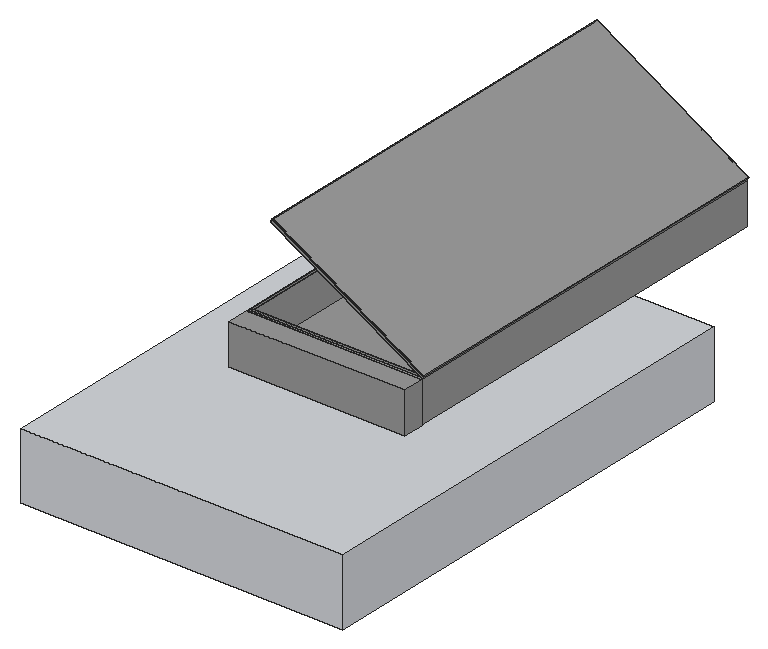
Revit family "Hager-Univers-IP44-D205-H1950-Cl.II-Encl-SE-en", category Equipement électrique, Revit 2020
Family settings
  Hôte = Face
  Configuration du panneau = Deux colonnes, circuits au sein
  Cote de connecteur circulaire = Utiliser le diamètre
  Type d'élément = Tableau de raccordement
  Couper avec des vides une fois chargée = Non
  Partagée = Non
  Point de calcul de pièce = Non
Parameters (values of type "Floor installation IP44 W800 H1950 D205  - FP23SN2")
  Width Control [instance] = if([EF000008 - Width] > Min Width, [EF000008 - Width], Min Width)  # 800 mm
  Commentaires du type = [HG000003 - Range]  # "Univers"
  Thickness Door [instance] = if([EF009171 - Material plate thickness door/cover] > 3 mm, 3 mm, [EF009171 - Material plate thickness door/cover])  # 1 mm
  Seal Frame Offset [instance] = 17 mm  # constant formula
  Plinth Visibility [instance] = [HG000027 - Plinth height] > 0 mm  # yes
  Model = ""
  Min Width [instance] = 100 mm  # constant formula
  Min Height [instance] = 100 mm  # constant formula
  Min Depth [instance] = (2 * [EF009170 - Material plate thickness cabinet]) + 1 mm  # 3 mm
  Internal Frame Depth [instance] = (Door System Depth * 0.5)  # 9 mm
  Height Control [instance] = if([EF000040 - Height] > Min Height, [EF000040 - Height], Min Height)  # 1950 mm
  HG000027 - Plinth height = 100 mm
  HG000026 - Floor standing = yes
  HG000024 - Bottom section height = 800 mm
  HG000023 - Double section enclosure = no
  HG000016 - Door 3d visibility [instance] = yes
  HG000015 - Clearance visibility [instance] = no
  HG000014 - Door on the right [instance] = yes
  HG000013 - Door on the left [instance] = not([HG000014 - Door on the right])  # no
  HG000012 - Door swing angle [instance] = 30.00°
  HG000010 - Asymmetric doors = no
  HG000009 - Double swing door = no
  HG000006 - Flush mounted = no
  HG000004 - Manufacturer reference = "FP23SN2"
  HG000003 - Range = "Univers"
  HG000002 - With door or cover = yes
  Frame Offset Bottom [instance] = 10 mm  # constant formula
  Frame Offset [instance] = 15 mm  # constant formula
  EF015940 - Cover with overpressure release = no
  EF011959 - Degree of protection (NEMA) = ""
  EF009554 - Number of openings for flange plates = 6
  EF009212 - Cover model = "EV000116 - Closed"
  EF009171 - Material plate thickness door/cover = 1 mm
  EF009170 - Material plate thickness cabinet = 1 mm
  Fabricant = "Hager"  # constant formula
  EF008873 - Nominal current (In) = 400 A
  EF007800 - Suitable for lightning protection = no
  EF006306 - With lock = no
  EF006244 - Transparent cover/door = no
  EF005474 - Degree of protection (IP) = "EV006418 - IP44"
  EF004464 - Type of door = "EV002646 - Single"
  EF004427 - Number of modules = 432
  EF004293 - Impact strength = "EV006815 - IK09"
  EF003532 - Suitable for outdoor use = no
  EF002950 - Width in number of modular spacings = 36
  EF001613 - Circuit integrity = "EV000494 - None"
  EF001596 - Material housing = "EV000179 - Steel"
  EF001131 - Internal depth = 143 mm
  EF001088 - Extension possible = yes
  EF000437 - Number of conduit inlets = 6
  EF000339 - Type of cover = "EV001012 - Cover"
  EF000266 - Number of rows = 12
  EF000218 - Built-in depth = 0 mm
  EF000118 - With mounting plate = no
  EF000116 - RAL-number = "9010"
  EF000049 - Depth = 205 mm
  EF000040 - Height = 1950 mm
  EF000008 - Width = 800 mm
  EF000007 - Colour = "EV000202 - White"
  EF000003 - Mounting method = "EV012274 - Floor installation"
  Door System Leaf Tolerance [instance] = 1.5 mm  # constant formula
  Door System Depth [instance] = 18 mm  # constant formula
  Door Height [instance] = Height Control - [HG000027 - Plinth height]  # 1850 mm
  Depth Control [instance] = if([EF000049 - Depth] > Min Depth, [EF000049 - Depth], Min Depth)  # 205 mm
  Default Elevation = 0 mm
  Connector Offset [instance] = Height Control / 2  # 975 mm
  Bottom Top Plate Trim [instance] = 1.5 mm  # constant formula
  Plinth height Ctrl [instance] = if([HG000027 - Plinth height] > 0 mm, [HG000027 - Plinth height], 12 mm)  # 100 mm
Types (4, lengths in mm): name | Width Control | HG000009 - Double swing door | HG000004 - Manufacturer reference | EF009554 - Number of openings for flange plates | EF008873 - Nominal current (In) | EF004464 - Type of door | EF004427 - Number of modules | EF002950 - Width in number of modular spacings | EF000437 - Number of conduit inlets | EF000008 - Width
  Floor installation IP44 W1050 H1950 D205  - FP24SN2 | 1050 | yes | "FP24SN2" | 8 | 400 A | "EV003602 - Double" | 576 | 48 | 8 | 1050
  Floor installation IP44 W300 H1950 D205  - FP21SN2 | 300 | no | "FP21SN2" | 2 | 250 A | "EV002646 - Single" | 144 | 12 | 2 | 300
  Floor installation IP44 W550 H1950 D205  - FP22SN2 | 550 | no | "FP22SN2" | 4 | 400 A | "EV002646 - Single" | 288 | 24 | 4 | 550
  Floor installation IP44 W800 H1950 D205  - FP23SN2 | 800 | no | "FP23SN2" | 6 | 400 A | "EV002646 - Single" | 432 | 36 | 6 | 800
Reference planes
  plane 1 "Center (Front/Back)": y = 0
  plane 2: z = 0
  plane 3 "Center (Left/Right)": x = 0
  plane 4: z = 205
  plane 5: y = 101
  plane 6: y = 1025
  plane 7: y = 100
  plane 8: y = 1950
  plane 9: z = 0
  plane 10: x = -385
  plane 11: x = 385
  plane 12: x = 384
  plane 13: x = -384
  plane 14: y = 1949
  plane 15: x = -383
  plane 16: x = -400
  plane 17: x = 383
  plane 18: x = 400
  plane 19: x = 399
  plane 20: x = -399
  plane 21: y = 111
  plane 22: y = 1950
  plane 23: y = 1934
  plane 24: z = 187
  plane 25: z = 1
  plane 26: z = 186
  plane 27: z = 204
Forms (mm)
  Extrusion 1, solid
    sketch origin (0, 0, 0) x (1, 0, 0) y (0, 1, 0)
      loop
        line (-702.964, 1305) -> (-702.964, -811.445) -> (766.763, -811.445) -> (766.763, 1305) -> (-702.964, 1305)
    from 0 to -304.8
  Extrusion 2, solid, material "Hager_Steel_RAL7035_Light_Grey", visible <- "Plinth Visibility", detail levels medium+fine
    sketch origin (0, 0, 0) x (1, 0, 0) y (0, 1, 0)
      loop
        line (-400, 0) -> (400, 0) -> (400, 100) -> (-400, 100) -> (-400, 0)
    from 0 to 187
  Extrusion 3, solid, material "Hager_Steel_RAL7035_Light_Grey", detail levels medium+fine
    sketch origin (0, 0, 0) x (1, 0, 0) y (0, 1, 0)
      loop
        line (-400, 100) -> (400, 100) -> (400, 1950) -> (-400, 1950) -> (-400, 100)
    from 0 to 187
  Extrusion 4, void
    sketch origin (0, 0, 0) x (1, 0, 0) y (0, 1, 0)
      loop
        line (-399, 101) -> (399, 101) -> (399, 1949) -> (-399, 1949) -> (-399, 101)
    from 1 to 186
  Extrusion 5, void
    sketch origin (-381.607, -4572, 187) x (0, -1, 0) y (-1, 0, 0)
      loop
        line (-4683, 2.393) -> (-6506, 2.393) -> (-6506, -765.607) -> (-4683, -765.607) -> (-4683, 2.393)
    from 0 to 1 <- "EF009170 - Material plate thickness cabinet"
  Extrusion 6, solid, material "Hager_Steel_RAL7035_Light_Grey", detail levels fine
    sketch origin (0, 0, 187) x (1, 0, 0) y (0, 1, 0)
      loop
        line (-384, 1934) -> (-384, 111) -> (384, 111) -> (384, 1934) -> (-384, 1934)
      loop
        line (-385, 110) -> (385, 110) -> (385, 1935) -> (-385, 1935) -> (-385, 110)
    from 0 to 9 <- "Internal Frame Depth"
  Extrusion 7, solid, material "Hager_Steel_RAL7035_Light_Grey", detail levels coarse
    sketch origin (0, 0, 0) x (1, 0, 0) y (0, 1, 0)
      loop
        line (-400, 0) -> (400, 0) -> (400, 1950) -> (-400, 1950) -> (-400, 0)
    from 0 to 205
  Sweep 8, void
    path in 3D
      loop
        line (-400, 100, 0) -> (400, 100, 0) -> (400, 100, 187) -> (-400, 100, 187) -> (-400, 100, 0)
    profile origin (-400, 100, 93.5) x (-1, 0, 0) y (0, -1, 0)
      loop
        line (0, 0) -> (0, 1.5) -> (-1.5, 1.5)
        arc (-1.5, 1.5) -> (-1.061, 0.439) -> (0, 0) r 1.5
Cuts and joins
  Extrusion 4, Extrusion 5 cuts Extrusion 3
  Sweep 8 cuts Extrusion 2
Lines and regions (mm)
  Masking region 1
    outline origin (0, 0, 0) x (1, 0, 0) y (0, 0, 1)
      loop
        line (-400, 205) -> (-400, 0) -> (400, 0) -> (400, 205) -> (-400, 205)
  Masking region 2, detail levels medium+fine
    outline origin (0, 140, 0) x (0, 1, 0) y (0, 0, 1)
      loop
        line (-40, 0) -> (1810, 0) -> (1810, 187) -> (-40, 187) -> (-40, 0)
  Masking region 3, not visible, detail levels medium+fine
    outline origin (0, 297.922, 0) x (0, 1, 0) y (0, 0, 1)
      loop
        line (738.578, 0) -> (778.578, 0) -> (778.578, 194)
        arc (778.578, 194) -> (775.649, 201.071) -> (768.578, 204) r 10
        line (768.578, 204) -> (738.578, 204) -> (738.578, 0)
  Masking region 4, detail levels coarse
    outline origin (0, 0, 180) x (0, 1, 0) y (0, 0, 1)
      loop
        line (0, -180) -> (1950, -180) -> (1950, 25) -> (0, 25) -> (0, -180)
  Masking region 5, visible <- "Plinth Visibility", detail levels medium+fine
    outline origin (0, 52.24, 12.345) x (0, 0, -1) y (0, 1, 0)
      loop
        line (10.845, 47.76) -> (-173.155, 47.76)
        arc (-173.155, 47.76) -> (-173.594, 46.699) -> (-174.655, 46.26) r 1.5
        line (-174.655, 46.26) -> (-174.655, -52.24) -> (12.345, -52.24) -> (12.345, 46.26)
        arc (12.345, 46.26) -> (11.285, 46.699) -> (10.845, 47.76) r 1.5
  Masking region 6, detail levels medium+fine
    outline origin (-381.607, -4572, 187) x (-1, 0, 0) y (0, -1, 0)
      loop
        line (18.393, -6522) -> (18.393, -4672) -> (-781.607, -4672) -> (-781.607, -6522) -> (18.393, -6522)
  Masking region 7, visible <- "Plinth Visibility", detail levels medium+fine
    outline origin (-381.607, -4727, 187) x (-1, 0, 0) y (0, -1, 0)
      loop
        arc (16.893, -4827) -> (17.332, -4825.939) -> (18.393, -4825.5) r 1.5
        line (18.393, -4825.5) -> (18.393, -4727) -> (-781.607, -4727) -> (-781.607, -4825.5)
        arc (-781.607, -4825.5) -> (-780.546, -4825.939) -> (-780.107, -4827) r 1.5
        line (-780.107, -4827) -> (16.893, -4827)
  Masking region 8, detail levels coarse
    outline origin (-442.548, -4669.526, 187) x (-1, 0, 0) y (0, -1, 0)
      loop
        line (-42.548, -6619.526) -> (-42.548, -4669.526) -> (-842.548, -4669.526) -> (-842.548, -6619.526) -> (-42.548, -6619.526)
  sketch lines
    curve 1: line (-400, 100, 187) -> (-400, 100, 0)
    curve 2: line (400, 100, 187) -> (-400, 100, 187)
    curve 3: line (400, 100, 187) -> (400, 100, 0)
    curve 4: line (-400, 100, 0) -> (400, 100, 0)
Dimensions and locks
  "Depth Control": plane 4 to Extrusion 1
  "HG000027 - Plinth height": plane 1 "Center (Front/Back)" to plane 7
  "EF009170 - Material plate thickness cabinet": plane 5 to plane 7
  locked: connector elem to plane 3 "Center (Left/Right)"
  equal spacing: plane 8, plane 6, plane 7
  locked: connector elem to plane 6
  "EF009170 - Material plate thickness cabinet": plane 8 to plane 14
  "EF009170 - Material plate thickness cabinet": plane 10 to plane 13
  "EF009170 - Material plate thickness cabinet": plane 12 to plane 11
  "Frame Offset": plane 20 to plane 13
  "Frame Offset": plane 12 to plane 19
  "EF009170 - Material plate thickness cabinet": plane 16 to plane 20
  "EF009170 - Material plate thickness cabinet": plane 19 to plane 18
  "Seal Frame Offset": plane 16 to plane 15
  "Seal Frame Offset": plane 17 to plane 18
  "Frame Offset Bottom": plane 21 to plane 5
  "Frame Offset": plane 14 to plane 23
  equal spacing: plane 16, plane 3 "Center (Left/Right)", plane 18
  "Width Control": plane 16 to plane 18
  "EF009170 - Material plate thickness cabinet": plane 4 to plane 27
  "EF009170 - Material plate thickness cabinet": plane 24 to plane 26
  "EF009170 - Material plate thickness cabinet": plane 25 to level
  "Door System Depth": plane 4 to plane 24
  "Height Control": plane 1 "Center (Front/Back)" to Extrusion 7 sketch curve
  "Height Control": Masking region 4 sketch curve to plane 1 "Center (Front/Back)"
  "Height Control": plane 1 "Center (Front/Back)" to plane 22
  "Bottom Top Plate Trim": profile plane to Sweep 8 sketch curve
  "Bottom Top Plate Trim": Sweep 8 sketch curve to profile plane
  "Plinth height Ctrl": plane 1 "Center (Front/Back)" to Extrusion 2 sketch curve
  "Plinth height Ctrl": Masking region 5 sketch curve to plane 1 "Center (Front/Back)"
  "Plinth height Ctrl": plane 1 "Center (Front/Back)" to Masking region 7 sketch curve
  "Thickness Door": Extrusion 6 sketch curve to Extrusion 6 sketch curve  (x3)
  "Thickness Door": cut or joined group of Extrusion 3, Extrusion 4, Extrusion 5 to Extrusion 6 sketch curve
  radius of Masking region 3 sketch curve = 10 mm
  "Bottom Top Plate Trim": radius of Masking region 5 sketch curve  (x2)
  "Bottom Top Plate Trim": radius of Sweep 8 sketch curve
  "Bottom Top Plate Trim": radius of Masking region 7 sketch curve  (x2)
  aligned and locked: plane 2 to Extrusion 1
  aligned and locked: level to Extrusion 1
  aligned and locked: level to Masking region 1 sketch curve
  aligned and locked: Masking region 1 sketch curve to plane 18
  aligned and locked: Masking region 1 sketch curve to plane 16
  aligned and locked: plane 7 to Masking region 2 sketch curve
  aligned and locked: level to Masking region 3 sketch curve
  aligned and locked: Masking region 3 sketch curve to plane 27
  aligned and locked: level to Masking region 2 sketch curve
  aligned and locked: plane 1 "Center (Front/Back)" to Extrusion 2 sketch curve
  aligned and locked: Extrusion 3 sketch curve to plane 7
  aligned and locked: plane 16 to Extrusion 3 sketch curve
  aligned and locked: plane 18 to Extrusion 3 sketch curve
  aligned and locked: plane 20 to Extrusion 4 sketch curve
  aligned and locked: plane 19 to Extrusion 4 sketch curve
  aligned and locked: Extrusion 4 sketch curve to plane 5
  aligned and locked: Extrusion 4 to plane 25
  aligned and locked: plane 26 to Extrusion 4
  aligned and locked: plane 24 to Extrusion 3
  aligned and locked: Extrusion 5 sketch curve to plane 21
  aligned and locked: Extrusion 5 sketch curve to plane 13
  aligned and locked: Extrusion 5 sketch curve to plane 12
  aligned and locked: plane 18 to Extrusion 7 sketch curve
  aligned and locked: plane 1 "Center (Front/Back)" to Extrusion 7 sketch curve
  aligned and locked: plane 16 to Extrusion 7 sketch curve
  aligned and locked: plane 4 to Extrusion 7
  aligned and locked: Extrusion 7 to level
  aligned and locked: level to Masking region 4 sketch curve
  aligned and locked: Masking region 4 sketch curve to plane 1 "Center (Front/Back)"
  aligned and locked: Masking region 4 sketch curve to plane 4
  aligned and locked: nested 1 to level
  aligned and locked: nested 1 to plane 16
  aligned and locked: plane 8 to Extrusion 3 sketch curve
  aligned and locked: plane 23 to Extrusion 5 sketch curve
  aligned and locked: plane 14 to Extrusion 4 sketch curve
  aligned and locked: Masking region 2 sketch curve to plane 8
  aligned and locked: level to Masking region 5 sketch curve
  aligned and locked: plane 16 to Extrusion 2 sketch curve
  aligned and locked: plane 18 to Extrusion 2 sketch curve
  aligned and locked: Masking region 5 sketch curve to plane 24
  aligned and locked: Masking region 2 sketch curve to plane 24
  aligned and locked: plane 24 to Extrusion 2
  aligned and locked: profile plane to Sweep 8 sketch curve  (x2)
  aligned and locked: Masking region 6 sketch curve to plane 18
  aligned and locked: Masking region 6 sketch curve to plane 22
  aligned and locked: Masking region 6 sketch curve to plane 16
  aligned and locked: plane 8 to plane 22
  aligned and locked: Masking region 6 sketch curve to plane 7
  aligned and locked: Masking region 7 sketch curve to plane 16
  aligned and locked: Masking region 7 sketch curve to plane 1 "Center (Front/Back)"
  aligned and locked: Masking region 7 sketch curve to plane 18
  aligned and locked: Masking region 8 sketch curve to plane 1 "Center (Front/Back)"
  aligned and locked: Masking region 8 sketch curve to plane 18
  aligned and locked: Masking region 8 sketch curve to plane 22
  aligned and locked: Masking region 8 sketch curve to plane 16
  aligned and locked: nested 2 to plane 7
  aligned and locked: plane 3 "Center (Left/Right)" to nested 2
  aligned and locked: nested 2 to plane 24
  aligned and locked: Extrusion 6 sketch curve to cut or joined group of Extrusion 3, Extrusion 4, Extrusion 5  (x4)
Automatic sketch dimensions
  Extrusion 1 sketch curve to Extrusion 1 sketch curve = 1469.727 mm
  Extrusion 1 sketch curve to Extrusion 1 sketch curve = 2116.445 mm
  Masking region 1 sketch curve to plane 4 = 0 mm
  plane 6 to Masking region 3 sketch curve = 11.5 mm
  Masking region 3 sketch curve to Masking region 3 sketch curve = 30 mm
  Masking region 5 sketch curve to plane 1 "Center (Front/Back)" = 0 mm
Nested families
  nested 1: "Hager_Enclosure_Symbol" at (-400, 0, 0) x (1, 0, 0) z (0, -1, 0), Height <- "Depth Control", Width <- "Width Control", type "Hager_Enclosure_Symbol"
    with Width_Ctrl 800 mm, Width 800 mm, Height_Ctrl 205 mm, Height 205 mm, A_Width_Int 13.453 mm, A_Width 161.438 mm, A_Height_Ctrl 179.375 mm, A_Height 179.375 mm
  nested 2: "EC000058_Univers_Door" at (0, 100, 187) x (1, 0, 0) z (0, 1, 0), Leaf_Tolerance <- "Door System Leaf Tolerance", Angle <- "HG000012 - Door swing angle", Door_Depth <- "Door System Depth", Door_Left <- "HG000013 - Door on the left", Transparent <- "EF006244 - Transparent cover/door", Assymetrical <- "HG000010 - Asymmetric doors", Width <- "Width Control", Clearance <- "HG000015 - Clearance visibility", Double <- "HG000009 - Double swing door", 3d_Door <- "HG000016 - Door 3d visibility", Lock_Visibility <- "EF006306 - With lock", Width_Ctrl <- "Width Control", Door_Right <- "HG000014 - Door on the right", Door <- "HG000002 - With door or cover", Height <- "Door Height", Thickness <- "Thickness Door", type "EC000058_Univers_Door", detail levels medium+fine
    with min_wh 3 mm, Width_Ctrl 800 mm, Width 800 mm, Transparent no, Thickness 1 mm, Seal_Material Hager_Rubber, Lock_Visibility no, Lock_Material Hager_Plastic_RAL9005_Jet_Black, Leaf_Width 800 mm, Leaf_Tolerance_External_Sides 0 mm, Leaf_Tolerance 1.5 mm, Leaf_Offset 0 mm, Leaf_Height 1847 mm, Leaf_2_Width 800 mm, Leaf_2_Offset 400 mm, Leaf_1_Width 800 mm, Leaf_1_Offset 400 mm, Height_Ctrl 1850 mm, Height 1850 mm, Glass_Material Hager_Glass, Double_Clearance_Ctrl no, Double no, Door_Right_Ctrl yes, Door_Right yes, Door_Material Hager_Steel_RAL7035_Light_Grey, Door_Left_Ctrl no, Door_Left no, Door_Depth 18 mm, Door yes, Clearance_Material Hager_Clearance, Clearance_Depth 800 mm, Clearance_Ctrl no, Clearance no, Assymetrical no, Angle 30.00°, 3d_Door yes
Connectors
  electrical at (0, 1025, 0)
    settings: on plane 9, index 1, voltage 0 V, apparent load 0 VA, apparent load phase1 0 VA, apparent load phase2 0 VA, apparent load phase3 0 VA, power factor 1, load classification "Other", number of poles 1, system type 30, power factor state 1, is connector primary yes, connector utility no, sub classification motor no, connector description ""
Definition of nested family "EC000058_Univers_Door"
  Parameters (values of type "EC000058_Univers_Door")
    min_wh [instance] = (2 * Thickness) + 1 mm  # 11 mm
    Width_Ctrl [instance] = 400 mm
    Width [instance] = 500 mm
    Transparent [instance] = yes
    Thickness [instance] = 5 mm
    Seal_Material [instance] = none
    Lock_Visibility [instance] = yes
    Lock_Material [instance] = none
    Leaf_Width [instance] = if((Width_Ctrl - 2 * Leaf_Tolerance_External_Sides) > 0 mm, (Width_Ctrl - 2 * Leaf_Tolerance_External_Sides), min_wh)  # 400 mm
    Leaf_Tolerance_External_Sides [instance] = 0 mm  # constant formula
    Leaf_Tolerance [instance] = 1.5 mm
    Leaf_Offset [instance] = 0 mm  # constant formula
    Leaf_Height [instance] = if((Height_Ctrl - 2 * Leaf_Tolerance) > 0 mm, (Height_Ctrl - 2 * Leaf_Tolerance), min_wh)  # 497 mm
    Leaf_2_Width [instance] = if(and(and(Double, Assymetrical), Door_Left), (Leaf_Width / 3) - (Leaf_Tolerance / 2), if(and(and(Double, Assymetrical), Door_Right), (Leaf_Width / 3) * 2 - (Leaf_Tolerance / 2), if(and(Double, not(Assymetrical)), (Leaf_Width / 2) - Leaf_Tolerance, Leaf_Width)))  # 400 mm
    Leaf_2_Offset [instance] = if(and(Double, Assymetrical), Leaf_2_Width / 2, if(and(Double, not(Assymetrical)), Leaf_Width / 4, Leaf_Width / 2))  # 200 mm
    Leaf_1_Width [instance] = if(and(and(Double, Assymetrical), Door_Right), (Leaf_Width / 3) - (Leaf_Tolerance / 2), if(and(and(Double, Assymetrical), Door_Left), (Width / 3) * 2 - (Leaf_Tolerance / 2), if(and(Double, not(Assymetrical)), (Leaf_Width / 2) - Leaf_Tolerance, Leaf_Width)))  # 400 mm
    Leaf_1_Offset [instance] = if(and(Double, Assymetrical), Leaf_1_Width / 2, if(and(Double, not(Assymetrical)), Leaf_Width / 4, Leaf_Width / 2))  # 200 mm
    Height_Ctrl [instance] = if(Height > min_wh, Height, min_wh)  # 500 mm
    Height [instance] = 500 mm
    Glass_Material [instance] = none
    Double_Clearance_Ctrl [instance] = and(Double, Clearance)  # no
    Double [instance] = no
    Door_Right_Ctrl [instance] = and(or(Door_Right, Double), Door)  # yes
    Door_Right [instance] = yes
    Door_Material [instance] = none
    Door_Left_Ctrl [instance] = and(or(Door_Left, Double), Door)  # no
    Door_Left [instance] = no
    Door_Depth [instance] = 30 mm
    Door [instance] = yes
    Default Elevation = 1219.2 mm
    Clearance_Material [instance] = none
    Clearance_Depth [instance] = if(Leaf_1_Width > Leaf_2_Width, Leaf_1_Width, Leaf_2_Width)  # 400 mm
    Clearance_Ctrl [instance] = and(not(Double), Clearance)  # yes
    Clearance [instance] = yes
    Assymetrical [instance] = yes
    Angle [instance] = 30.00°
    3d_Door [instance] = yes
  Reference planes
    plane 1 "Center (Front/Back)": y = 0
    plane 2 "Bottom": z = 0
    plane 3 "Center (Left/Right)": x = 0
    plane 4: z = 500
    plane 5: x = -200
    plane 6: x = 200
    plane 7: z = 500
    plane 8: x = -200
    plane 9: z = 0
    plane 10: x = 200
    plane 11: y = 0
    plane 12: z = 1.5
    plane 13: x = -600
    plane 14: y = -400
    plane 15: x = 600
    plane 16: x = 0
    plane 17: x = 0
    plane 18: x = -200
    plane 19: x = 200
    plane 20: z = 498.5
  Forms (mm)
    Extrusion 1, solid, material <- "Clearance_Material", visible <- "Double_Clearance_Ctrl"
      sketch origin (1200, 0, 0) x (1, 0, 0) y (0, 0, -1)
        loop
          line (-1800, -498.5) -> (-600, -498.5) -> (-600, 0) -> (-1800, 0) -> (-1800, -498.5)
      from 0 to -400
  Dimensions and locks
    equal spacing: plane 5, plane 3 "Center (Left/Right)", plane 6
    "Width_Ctrl": plane 5 to plane 6
    "Leaf_Offset": plane 5 to plane 8
    "Leaf_Offset": plane 6 to plane 10
    "Leaf_Offset": plane 9 to level
    "Leaf_Offset": plane 4 to plane 7
    "Height_Ctrl": plane 4 to level
    "Leaf_Tolerance": plane 12 to plane 9
    locked: plane 11 to plane 1 "Center (Front/Back)"
    "Leaf_1_Offset": plane 18 to plane 16
    "Leaf_2_Offset": plane 17 to plane 19
    "Leaf_1_Width": plane 13 to plane 8
    "Leaf_2_Width": plane 10 to plane 15
    "Clearance_Depth": plane 14 to plane 1 "Center (Front/Back)"
    "Leaf_Tolerance_External_Sides": plane 8 to plane 18
    "Leaf_Tolerance_External_Sides": plane 19 to plane 10
    "Leaf_Tolerance": plane 7 to plane 20
    aligned and locked: level to plane 2 "Bottom"
    aligned and locked: nested 1 to plane 16
    aligned and locked: nested 2 to plane 17
    aligned and locked: Extrusion 1 to plane 13
    aligned and locked: plane 15 to Extrusion 1
    aligned and locked: Extrusion 1 to plane 14
    aligned and locked: plane 12 to nested 1
    aligned and locked: nested 2 to plane 12
    aligned and locked: Extrusion 1 to plane 11
    aligned and locked: plane 20 to Extrusion 1
    aligned and locked: nested 2 to plane 11
    aligned and locked: nested 1 to plane 11
  Automatic sketch dimensions
    Extrusion 1 sketch curve to level = 0 mm
    plane 5 to Extrusion 1 sketch curve = 400 mm
    plane 6 to Extrusion 1 sketch curve = 400 mm
    Extrusion 1 sketch curve to plane 4 = 1.5 mm
  Nested families
    nested 1: "EC000058_Univers_Door_Leaf" at (0, 0, 1.5), Width <- "Leaf_1_Width", visible <- "Door_Left_Ctrl", Leaf_Height <- "Leaf_Height", Angle <- "Angle", 3d_Door <- "3d_Door", Transparent <- "Transparent", Clearance Material <- "Clearance_Material", Clearance <- "Clearance_Ctrl", Door_Material <- "Door_Material", Glass_Material <- "Glass_Material", Door_Depth <- "Door_Depth", Lock_Material <- "Lock_Material", Seal_Material <- "Seal_Material", Lock_Visibility <- "Lock_Visibility", Thickness <- "Thickness", type "EC000058_Univers_Door_Leaf"
      with Width 400 mm, Transparent_Glass_Offset 30 mm, Transparent_Ctrl yes, Transparent yes, Thickness 5 mm, Standard no, Seal_Material none, Seal_D2 8 mm, Seal_D1 1 mm, Offset_Internal_Frame 10 mm, Lock_Width 20 mm, Lock_Visibility_3d yes, Lock_Visibility yes, Lock_Thickness_3 3 mm, Lock_Thickness_2 1 mm, Lock_Thickness_1 3 mm, Lock_Radius_Offset_2 16 mm, Lock_Radius_Offset_1 15 mm, Lock_Radius_2 5 mm, Lock_Radius 6 mm, Lock_Offset 5 mm, Lock_Material none, Lock_Height 80 mm, Lock_Cover_Top_Offset_2d 17 mm, Lock_Cover_Height -65 mm, Leaf_Height 497 mm, Internal_Seal_Thickness 8 mm, Internal_Seal_Depth_2 4.5 mm, Internal_Frame_Depth 25 mm, Glass_Thickness -1 mm, Glass_Offset -2 mm, Glass_Material none, Door_Material none, Door_Depth 30 mm, Clearance Material none, Clearance yes, Angle_Ctrl 30.00°, Angle 30.00°, 3d_Door yes
    nested 2: "EC000058_Univers_Door_Leaf" at (0, 0, 1.5) x (-1, 0, 0) z (0, 0, 1), Width <- "Leaf_2_Width", visible <- "Door_Right_Ctrl", Leaf_Height <- "Leaf_Height", Angle <- "Angle", 3d_Door <- "3d_Door", Transparent <- "Transparent", Clearance Material <- "Clearance_Material", Clearance <- "Clearance_Ctrl", Door_Material <- "Door_Material", Glass_Material <- "Glass_Material", Door_Depth <- "Door_Depth", Lock_Material <- "Lock_Material", Seal_Material <- "Seal_Material", Lock_Visibility <- "Lock_Visibility", Thickness <- "Thickness", type "EC000058_Univers_Door_Leaf"
      with Width 400 mm, Transparent_Glass_Offset 30 mm, Transparent_Ctrl yes, Transparent yes, Thickness 5 mm, Standard no, Seal_Material none, Seal_D2 8 mm, Seal_D1 1 mm, Offset_Internal_Frame 10 mm, Lock_Width 20 mm, Lock_Visibility_3d yes, Lock_Visibility yes, Lock_Thickness_3 3 mm, Lock_Thickness_2 1 mm, Lock_Thickness_1 3 mm, Lock_Radius_Offset_2 16 mm, Lock_Radius_Offset_1 15 mm, Lock_Radius_2 5 mm, Lock_Radius 6 mm, Lock_Offset 5 mm, Lock_Material none, Lock_Height 80 mm, Lock_Cover_Top_Offset_2d 17 mm, Lock_Cover_Height -65 mm, Leaf_Height 497 mm, Internal_Seal_Thickness 8 mm, Internal_Seal_Depth_2 4.5 mm, Internal_Frame_Depth 25 mm, Glass_Thickness -1 mm, Glass_Offset -2 mm, Glass_Material none, Door_Material none, Door_Depth 30 mm, Clearance Material none, Clearance yes, Angle_Ctrl 30.00°, Angle 30.00°, 3d_Door yes
  Definition of nested family "EC000058_Univers_Door_Leaf"
    Parameters (values of type "EC000058_Univers_Door_Leaf")
      Width [instance] = 2000 mm
      Transparent_Glass_Offset [instance] = 30 mm
      Transparent_Ctrl [instance] = and(Transparent, [3d_Door])  # yes
      Transparent [instance] = yes
      Thickness [instance] = 5 mm
      Standard [instance] = and(not(Transparent), [3d_Door])  # no
      Seal_Material [instance] = none
      Seal_D2 [instance] = 8 mm  # constant formula
      Seal_D1 [instance] = 1 mm  # constant formula
      Offset_Internal_Frame [instance] = 10 mm  # constant formula
      Lock_Width [instance] = 20 mm  # constant formula
      Lock_Visibility_3d [instance] = and(Lock_Visibility, [3d_Door])  # yes
      Lock_Visibility [instance] = yes
      Lock_Thickness_3 [instance] = 3 mm  # constant formula
      Lock_Thickness_2 [instance] = 1 mm  # constant formula
      Lock_Thickness_1 [instance] = 3 mm  # constant formula
      Lock_Radius_Offset_2 [instance] = Lock_Radius_Offset_1 + 1 mm  # 16 mm
      Lock_Radius_Offset_1 [instance] = 15 mm  # constant formula
      Lock_Radius_2 [instance] = Lock_Radius - 1 mm  # 5 mm
      Lock_Radius [instance] = 6 mm  # constant formula
      Lock_Offset [instance] = 5 mm  # constant formula
      Lock_Material [instance] = none
      Lock_Height [instance] = 80 mm  # constant formula
      Lock_Cover_Top_Offset_2d [instance] = Lock_Radius_Offset_2 + 1 mm  # 17 mm
      Lock_Cover_Height [instance] = -(Lock_Height - Lock_Radius_Offset_1)  # -65 mm
      Leaf_Height [instance] = 2720.336 mm
      Internal_Seal_Thickness [instance] = 8 mm  # constant formula
      Internal_Seal_Depth_2 [instance] = 4.5 mm  # constant formula
      Internal_Frame_Depth [instance] = if(Door_Depth - Thickness > 5 mm, Door_Depth - Thickness, 5 mm)  # 25 mm
      Glass_Thickness [instance] = if(Thickness > 15 mm, Glass_Offset + 10 mm, -1 mm)  # -1 mm
      Glass_Offset [instance] = if(Thickness > 15 mm, -(Thickness + 10 mm) / 2, -2 mm)  # -2 mm
      Glass_Material [instance] = none
      Door_Material [instance] = none
      Door_Depth [instance] = 30 mm
      Default Elevation = 0 mm
      Clearance Material [instance] = none
      Clearance [instance] = yes
      Angle_Ctrl [instance] = if(Angle > 180.00°, 180.00°, Angle)  # 90.00°
      Angle [instance] = 90.00°
      3d_Door [instance] = yes
    Reference planes
      plane 1 "Center (Front/Back)": y = 0
      plane 2: z = 0
      plane 3 "Center (Left/Right)": x = 0
      plane 4: y = 2000
      plane 5: x = -1000
      plane 6: x = 1000
      plane 7: x = -3000
      plane 8: z = 2720.336
      plane 9: z = 30
      plane 10: z = 2690.336
      plane 11: x = 970
      plane 12: x = -970
      plane 13: y = -3
      plane 14: z = 107.833
      plane 15: y = -5
      plane 16: y = -223.314
      plane 17: x = -1000
      plane 18: z = 1360.168
      plane 19: y = 30
    Forms (mm)
      Extrusion 1, solid, material <- "Clearance Material", visible <- "Clearance"
        sketch origin (0, 0, 0) x (1, 0, 0) y (0, 0, 1)
          loop
            line (-3000, 2720.336) -> (-3000, 0) -> (1000, 0) -> (1000, 2720.336) -> (-3000, 2720.336)
        from 0 to -2000
      Extrusion 2, solid, material <- "Door_Material", visible <- "Standard", detail levels medium+fine
        sketch origin (-1000, 0, 0) x (0, 1, 0) y (-1, 0, 0)
          loop
            line (0, 30) -> (0, 25) -> (2000, 25) -> (2000, 30) -> (0, 30)
        from 0 to 2720.336 <- "Leaf_Height"
      Extrusion 3, solid, material <- "Door_Material", visible <- "Transparent_Ctrl", detail levels medium+fine
        sketch origin (-1000, 0, 0) x (0, 1, 0) y (-1, 0, 0)
          loop
            line (0, 25) -> (2000, 25) -> (2000, 30) -> (0, 30) -> (0, 25)
        from 0 to 2720.336 <- "Leaf_Height"
      Extrusion 4, void
        sketch origin (-1025, 2000, 0) x (0, 1, 0) y (0, 0, -1)
          loop
            line (-30, -2690.336) -> (-30, -30) -> (-1970, -30) -> (-1970, -2690.336) -> (-30, -2690.336)
        from 0 to 5 <- "Thickness"
      Sweep 5, solid, material <- "Seal_Material", visible <- "Transparent_Ctrl", detail levels fine
        path in 3D
          loop
            line (-1025, 30, 30) -> (-1025, 30, 2690.336) -> (-1025, 1970, 2690.336) -> (-1025, 1970, 30) -> (-1025, 30, 30)
        profile origin (-1025, 1000, 30) x (1, 0, 0) y (0, 0, 1)
          loop
            line (0, 0) -> (0, -8) -> (1, -8) -> (1, 0) -> (0, 0)
      Extrusion 6, solid, material <- "Glass_Material", visible <- "Transparent_Ctrl", detail levels medium+fine
        sketch origin (-1030, 0, 0) x (0, 1, 0) y (0, 0, -1)
          loop
            line (1970, -2690.336) -> (1970, -30) -> (30, -30) -> (30, -2690.336) -> (1970, -2690.336)
        from -2 <- "Glass_Offset" to -1 <- "Glass_Thickness"
      Extrusion 7, solid, material <- "Door_Material", visible <- "3d_Door", detail levels medium+fine
        sketch origin (-1025, 2000, 0) x (0, -1, 0) y (0, 0, -1)
          loop
            line (0, -2720.336) -> (2000, -2720.336) -> (2000, 0) -> (0, 0) -> (0, -2720.336)
          loop
            line (1995, -5) -> (5, -5) -> (5, -2715.336) -> (1995, -2715.336) -> (1995, -5)
        from 0 to 25 <- "Internal_Frame_Depth"
      Sweep 8, solid, material <- "Seal_Material", visible <- "Transparent_Ctrl", detail levels fine
        path in 3D
          loop
            line (-1025, 0, 0) -> (-1025, 2000, 0) -> (-1025, 2000, 2720.336) -> (-1025, 0, 2720.336) -> (-1025, 0, 0)
        profile origin (-1025, 0, 1360.168) x (1, 0, 0) y (0, 1, 0)
          loop
            line (0, 10) -> (2.975, 10)
            arc (2.975, 10) -> (4.053, 10.447) -> (4.5, 11.525) r 1.525
            line (4.5, 11.525) -> (4.5, 16.527)
            arc (4.5, 16.527) -> (4.069, 17.569) -> (3.027, 18) r 1.473
            line (3.027, 18) -> (0, 18) -> (0, 10)
      Extrusion 9, solid, material <- "Lock_Material", visible <- "Lock_Visibility_3d", detail levels fine
        sketch origin (-1030, 0, 0) x (0, 1, 0) y (0, 0, -1)
          loop
            arc (1993.5, -1400.168) -> (1994.561, -1399.729) -> (1995, -1398.668) r 1.5
            line (1995, -1398.668) -> (1995, -1320.168) -> (1975, -1320.168) -> (1975, -1398.668)
            arc (1975, -1398.668) -> (1975.439, -1399.729) -> (1976.5, -1400.168) r 1.5
            line (1976.5, -1400.168) -> (1993.5, -1400.168)
        from 3 <- "Lock_Thickness_1" to 0
      Blend 10, solid, material <- "Lock_Material", visible <- "Lock_Visibility_3d", detail levels fine
        base sketch origin (-1033, 0, 0) x (0, 1, 0) y (0, 0, -1)
          loop
            line (1975, -1320.168) -> (1975, -1398.668)
            arc (1975, -1398.668) -> (1975.439, -1399.729) -> (1976.5, -1400.168) r 1.5
            line (1976.5, -1400.168) -> (1993.5, -1400.168)
            arc (1993.5, -1400.168) -> (1994.561, -1399.729) -> (1995, -1398.668) r 1.5
            line (1995, -1398.668) -> (1995, -1320.168) -> (1975, -1320.168)
        top sketch origin (-1033, 0, 0) x (0, 1, 0) y (0, 0, -1)
          loop
            line (1976, -1320.168) -> (1976, -1398.668)
            arc (1976, -1398.668) -> (1976.146, -1399.022) -> (1976.5, -1399.168) r 0.5
            line (1976.5, -1399.168) -> (1993.5, -1399.168)
            arc (1993.5, -1399.168) -> (1993.854, -1399.022) -> (1994, -1398.668) r 0.5
            line (1994, -1398.668) -> (1994, -1320.168) -> (1976, -1320.168)
        from 0 to 1 <- "Lock_Thickness_2"
      Blend 11, solid, material <- "Lock_Material", visible <- "Lock_Visibility_3d", detail levels fine
        base sketch origin (-1034, 0, 0) x (0, 1, 0) y (0, 0, -1)
          loop
            line (1978, -1320.168) -> (1978, -1384.168)
            arc (1978, -1384.168) -> (1985, -1391.168) -> (1992, -1384.168) r 7
            line (1992, -1384.168) -> (1992, -1320.168) -> (1978, -1320.168)
        top sketch origin (-1034, 0, 0) x (0, 1, 0) y (0, 0, -1)
          loop
            line (1991, -1320.168) -> (1979, -1320.168) -> (1979, -1383.168)
            arc (1979, -1383.168) -> (1985, -1389.168) -> (1991, -1383.168) r 6
            line (1991, -1383.168) -> (1991, -1320.168)
        from 0 to 3 <- "Lock_Thickness_3"
      Extrusion 12, solid, material <- "Lock_Material", visible <- "Lock_Visibility_3d", detail levels fine
        sketch origin (-1030, 1975, 1320.168) x (1, 0, 0) y (0, -1, 0)
          loop
            line (-7, -19) -> (-7, -1) -> (0, -1) -> (0, 0) -> (-8, 0) -> (-8, -20) -> (0, -20) -> (0, -19) -> (-7, -19)
        from 0 to -65 <- "Lock_Cover_Height"
      Extrusion 13, void
        sketch origin (-1038, 1995, 1320.168) x (-1, 0, 0) y (0, 0, -1)
          loop
            line (-5, -65) -> (0, -65) -> (-5, -60) -> (-5, -65)
        from 0 to 20 <- "Lock_Width"
      Extrusion 14, void
        sketch origin (-1038, 1975, 1320.168) x (0, -1, 0) y (0, 0, -1)
          loop
            circle (-10, -15.995) r 6
          loop
            circle (-10, -15.995) r 5
        from 0 to 2
      Extrusion 15, solid, material <- "Lock_Material", visible <- "Lock_Visibility_3d", detail levels medium
        sketch origin (-1030, 0, 0) x (0, 1, 0) y (0, 0, -1)
          loop
            arc (1993.5, -1400.168) -> (1994.561, -1399.729) -> (1995, -1398.668) r 1.5
            line (1995, -1398.668) -> (1995, -1320.168) -> (1975, -1320.168) -> (1975, -1398.668)
            arc (1975, -1398.668) -> (1975.439, -1399.729) -> (1976.5, -1400.168) r 1.5
            line (1976.5, -1400.168) -> (1993.5, -1400.168)
        from 8 to 0
    Cuts and joins
      Extrusion 4 cuts Extrusion 3
      Extrusion 13, Extrusion 14 cuts Extrusion 9
      Extrusion 14 cuts Blend 11
      Extrusion 13, Extrusion 14 cuts Extrusion 12
      joined: Extrusion 9, Blend 10, Blend 11, Extrusion 12
      Extrusion 14 cuts Extrusion 15
    Lines and regions (mm)
      Masking region 1, visible <- "Lock_Visibility", detail levels fine
        outline origin (0, 0, 0) x (0, 1, 0) y (0, 0, 1)
          loop
            line (30, 1320.168) -> (33, 1320.168) -> (33, 1400.168) -> (30, 1400.168) -> (30, 1320.168)
      Masking region 2, visible <- "Lock_Visibility", detail levels fine
        outline origin (0, 3.143, 0) x (0, 1, 0) y (0, 0, 1)
          loop
            line (29.857, 1354.168) -> (30.857, 1354.168) -> (30.857, 1366.168) -> (29.857, 1366.168) -> (29.857, 1354.168)
      Masking region 3, detail levels medium+fine
        outline origin (0, 0, 0) x (0, 1, 0) y (0, 0, 1)
          loop
            line (0, 0) -> (30, 0) -> (30, 2720.336) -> (0, 2720.336) -> (0, 0)
      Masking region 4, detail levels medium+fine
        outline origin (0, 0, 0) x (1, 0, 0) y (0, 0, 1)
          loop
            line (-1000, 2720.336) -> (-1000, 0) -> (1000, 0) -> (1000, 2720.336) -> (-1000, 2720.336)
      Masking region 5, visible <- "Lock_Visibility", detail levels fine
        outline origin (-47.116, 0, 0) x (1, 0, 0) y (0, 0, 1)
          loop
            arc (1024.616, 1399.168) -> (1023.556, 1398.729) -> (1023.116, 1397.668) r 1.5
            line (1023.116, 1397.668) -> (1023.116, 1320.168) -> (1041.116, 1320.168) -> (1041.116, 1397.668)
            arc (1041.116, 1397.668) -> (1040.677, 1398.729) -> (1039.616, 1399.168) r 1.5
            line (1039.616, 1399.168) -> (1024.616, 1399.168)
      Masking region 6, visible <- "Lock_Visibility", detail levels medium+fine
        outline origin (-25, 0, 0) x (1, 0, 0) y (0, 0, 1)
          loop
            arc (1001.5, 1400.168) -> (1000.439, 1399.729) -> (1000, 1398.668) r 1.5
            line (1000, 1398.668) -> (1000, 1320.168) -> (1020, 1320.168) -> (1020, 1398.668)
            arc (1020, 1398.668) -> (1019.561, 1399.729) -> (1018.5, 1400.168) r 1.5
            line (1018.5, 1400.168) -> (1001.5, 1400.168)
      Masking region 7, visible <- "Lock_Visibility", detail levels fine
        outline origin (-73.735, 0, 0) x (1, 0, 0) y (0, 0, 1)
          loop
            line (1051.735, 1382.168) -> (1065.735, 1382.168) -> (1065.735, 1384.168)
            arc (1065.735, 1384.168) -> (1058.735, 1391.168) -> (1051.735, 1384.168) r 7
            line (1051.735, 1384.168) -> (1051.735, 1382.168)
      Masking region 8, visible <- "Lock_Visibility", detail levels fine
        outline origin (-73.735, 0, 0) x (1, 0, 0) y (0, 0, 1)
          loop
            line (1052.735, 1382.168) -> (1064.735, 1382.168) -> (1064.735, 1383.168)
            arc (1064.735, 1383.168) -> (1058.735, 1389.168) -> (1052.735, 1383.168) r 6
            line (1052.735, 1383.168) -> (1052.735, 1382.168)
      Masking region 9, visible <- "Lock_Visibility", detail levels fine
        outline origin (-25, 0, 0) x (1, 0, 0) y (0, 0, 1)
          loop
            line (1020, 1320.168) -> (1020, 1382.168) -> (1000, 1382.168) -> (1000, 1320.168) -> (1020, 1320.168)
      Masking region 10, detail levels medium+fine
        outline origin (0, 0, 0) x (1, 0, 0) y (0, 0, 1)
          loop
            circle (985, 1335.144) r 6
      Masking region 11, detail levels fine
        outline origin (0, 0, 0) x (1, 0, 0) y (0, 0, 1)
          loop
            circle (985, 1335.144) r 5
      Masking region 12, visible <- "Lock_Visibility", detail levels fine
        outline origin (0, 12.767, 0) x (0, 1, 0) y (0, 0, 1)
          loop
            line (20.233, 1320.168) -> (21.233, 1320.168) -> (21.233, 1399.168) -> (20.233, 1400.168) -> (20.233, 1320.168)
      Masking region 13, visible <- "Lock_Visibility", detail levels fine
        outline origin (0, 13.767, -10) x (0, 1, 0) y (0, 0, 1)
          loop
            line (20.233, 1330.168) -> (23.233, 1330.168) -> (23.233, 1399.168) -> (20.233, 1402.168) -> (20.233, 1330.168)
      Masking region 14, visible <- "Lock_Visibility", detail levels fine
        outline origin (0, 12.767, -10) x (0, 1, 0) y (0, 0, 1)
          loop
            line (20.233, 1330.168) -> (25.233, 1330.168) -> (25.233, 1399.305) -> (20.233, 1394.305) -> (20.233, 1330.168)
      Masking region 15, visible <- "Lock_Visibility", detail levels medium
        outline origin (0, 0, 0) x (0, 1, 0) y (0, 0, 1)
          loop
            line (30, 1320.168) -> (38, 1320.168) -> (38, 1400.168) -> (30, 1400.168) -> (30, 1320.168)
      Masking region 16, visible <- "Lock_Visibility", detail levels fine
        outline origin (-1000, 0, 0) x (0, 1, 0) y (-1, 0, 0)
          loop
            line (1975, 30) -> (1995, 30) -> (1995, 38) -> (1975, 38) -> (1975, 30)
          loop
            line (1979, 37) -> (1976, 37) -> (1976, 34) -> (1978, 34) -> (1979, 37)
          loop
            line (1994, 37) -> (1991, 37) -> (1992, 34) -> (1994, 34) -> (1994, 37)
      Masking region 17, visible <- "Lock_Visibility", detail levels medium
        outline origin (-1000, 0, 0) x (0, 1, 0) y (-1, 0, 0)
          loop
            line (1975, 30) -> (1995, 30) -> (1995, 38) -> (1975, 38) -> (1975, 30)
      symbolic lines
        curve 1: line (1000, 0, 0) -> (-3000, 0, 0)
        curve 2: arc (1000, 0, 0) -> (-1000, 2000, 0) -> (-3000, 0, 0) r 2000
        curve 4: line (-1030, 0, 0) -> (-1030, 2000, 0)
      reference lines
        curve 3: line (-1000, 0, 0) -> (-1000, 2000, 0)
      symbolic lines, detail levels medium+fine
        curve 5: line (-1030, 2000, 0) -> (-1025, 2000, 0)
        curve 7: line (-1025, 0, 0) -> (-1030, 0, 0)
        curve 8: line (-1025, 0, 0) -> (-1000, 0, 0)
        curve 9: line (-1000, 0, 0) -> (-1000, 2000, 0)
        curve 10: line (-1000, 2000, 0) -> (-1025, 2000, 0)
      symbolic lines, detail levels fine
        curve 6: line (-1025, 2000, 0) -> (-1025, 0, 0)
      sketch lines
        curve 11: line (-1025, 0, 2720.336) -> (-1025, 0, 0)
        curve 12: line (-1025, 2000, 0) -> (-1025, 0, 0)
        curve 13: line (-1025, 2000, 2720.336) -> (-1025, 2000, 0)
        curve 14: line (-1025, 0, 2720.336) -> (-1025, 2000, 2720.336)
        curve 15: line (-1025, 1970, 30) -> (-1025, 30, 30)
        curve 16: line (-1025, 30, 30) -> (-1025, 30, 2690.336)
        curve 17: line (-1025, 1970, 2690.336) -> (-1025, 1970, 30)
        curve 18: line (-1025, 30, 2690.336) -> (-1025, 1970, 2690.336)
      symbolic lines, visible <- "Transparent", detail levels medium+fine
        curve 19: line (-970, 0, 2690.336) -> (970, 0, 2690.336)
        curve 20: line (-970, 0, 30) -> (-970, 0, 2690.336)
        curve 21: line (970, 0, 30) -> (-970, 0, 30)
        curve 22: line (970, 0, 2690.336) -> (970, 0, 30)
    Dimensions and locks
      "Width": plane 1 "Center (Front/Back)" to plane 4
      equal spacing: plane 5, plane 3 "Center (Left/Right)", plane 6
      "Width": plane 5 to plane 6
      "Width": plane 7 to plane 5
      "Leaf_Height": plane 8 to level
      "Width": curve 5 to curve 3
      "Width": curve 3 to curve 3
      plane 8 to plane 10 = 30 mm
      plane 9 to level = 30 mm
      plane 12 to plane 5 = 30 mm
      plane 6 to plane 11 = 30 mm
      Extrusion 1 to Extrusion 4 sketch curve = 30 mm
      "Transparent_Glass_Offset": curve 3 to Extrusion 4 sketch curve
      "Transparent_Glass_Offset": Extrusion 4 sketch curve to cut or joined group of Extrusion 3, Extrusion 4  (x2)
      cut or joined group of Extrusion 3, Extrusion 4 to Extrusion 6 sketch curve = 30 mm
      "Transparent_Glass_Offset": cut or joined group of Extrusion 3, Extrusion 4 to Extrusion 4 sketch curve
      "Thickness": curve 6 to curve 4
      "Thickness": Extrusion 7 sketch curve to Extrusion 7 sketch curve  (x4)
      "Door_Depth": curve 4 to curve 3
      "Offset_Internal_Frame": profile plane to Sweep 8 sketch curve
      "Internal_Seal_Thickness": Sweep 8 sketch curve to Sweep 8 sketch curve
      "Internal_Seal_Depth_2": profile plane to Sweep 8 sketch curve
      "Seal_D1": profile plane to Sweep 5 sketch curve
      "Seal_D2": profile plane to Sweep 5 sketch curve
      "Thickness": Extrusion 2 sketch curve to Extrusion 2 sketch curve
      equal spacing: Extrusion 9 sketch curve, plane 18, Extrusion 9 sketch curve  (x2)
      equal spacing: Masking region 1 sketch curve, plane 18, Masking region 1 sketch curve
      "Lock_Height": Masking region 1 sketch curve to Masking region 1 sketch curve
      "Lock_Radius": Masking region 2 sketch curve to plane 18 to Masking region 2 sketch curve
      Masking region 2 sketch curve to Masking region 1 = 1 mm
      "Door_Depth": plane 19 to plane 1 "Center (Front/Back)"
      "Lock_Thickness_1": Masking region 1 sketch curve to plane 19
      "Lock_Width": Extrusion 9 sketch curve to Extrusion 9 sketch curve
      "Lock_Height": Extrusion 9 sketch curve to Extrusion 9 sketch curve
      "Lock_Offset": cut or joined group of Extrusion 3, Extrusion 4 to Extrusion 9 sketch curve
      equal spacing: plane 8, plane 18, level
      "Lock_Radius_Offset_1": Blend 11 sketch curve to Blend 10
      locked: Blend 10 to Blend 11 sketch curve at 2  (x2)
      locked: var sketch to Blend 11 sketch curve at 1  (x2)
      "Lock_Radius_Offset_2": Blend 11 sketch curve to Blend 10
      locked: Extrusion 12 sketch curve to Extrusion 12 sketch curve at 1  (x3)
      Masking region 6 sketch curve to Masking region 6 sketch curve = 80 mm
      "Lock_Height": Masking region 6 sketch curve to Masking region 6 sketch curve
      "Lock_Width": Masking region 6 sketch curve to Masking region 6 sketch curve
      locked: Masking region 6 to Masking region 5 sketch curve at 1  (x3)
      locked: Masking region 5 to Masking region 7 sketch curve at 2  (x2)
      "Lock_Radius_Offset_1": Masking region 5 to Masking region 7 sketch curve
      "Lock_Radius_Offset_2": Masking region 5 to Masking region 8 sketch curve
      locked: Masking region 7 to Masking region 8 sketch curve at 1  (x2)
      "Lock_Cover_Top_Offset_2d": Masking region 5 to Masking region 9 sketch curve
      equal spacing: Masking region 9, Masking region 10 sketch curve, Masking region 9
      equal spacing: Masking region 9, Masking region 11 sketch curve, Masking region 9
      Extrusion 15 sketch curve to Extrusion 15 sketch curve = 80 mm
      "Lock_Width": Extrusion 15 sketch curve to Extrusion 15 sketch curve
      "Lock_Height": Extrusion 15 sketch curve to Extrusion 15 sketch curve
      equal spacing: Extrusion 15 sketch curve, plane 18, Extrusion 15 sketch curve
      "Lock_Thickness_3": Masking region 13 sketch curve to Masking region 13 sketch curve
      "Lock_Height": Masking region 12 sketch curve to Masking region 12 sketch curve
      locked: Masking region 13 sketch curve to Masking region 1 at 8
      locked: Masking region 14 sketch curve to Masking region 13 at 1
      locked: Masking region 14 sketch curve to Masking region 1 at 10.863
      "Lock_Height": Masking region 15 sketch curve to Masking region 15 sketch curve
      "Lock_Offset": Extrusion 15 sketch curve to cut or joined group of Extrusion 3, Extrusion 4
      "Lock_Offset": plane 6 to Masking region 6 sketch curve
      radius of Sweep 8 sketch curve = 1.525 mm
      radius of Sweep 8 sketch curve = 1.473 mm
      radius of Extrusion 9 sketch curve = 1.5 mm  (x2)
      "Lock_Radius": radius of Extrusion 14 sketch curve
      "Lock_Radius_2": radius of Extrusion 14 sketch curve
      "Lock_Radius": radius of Masking region 10 sketch curve
      "Lock_Radius_2": radius of Masking region 11 sketch curve
      radius of Extrusion 15 sketch curve = 1.5 mm  (x2)
      "Angle_Ctrl": angle plane 1 "Center (Front/Back)" to curve 3
      locked: Masking region 12 sketch curve to Masking region 12 sketch curve (angle 45.00°)
      locked: Masking region 13 sketch curve to Masking region 13 sketch curve (angle 45.00°)
      locked: Masking region 14 sketch curve to Masking region 14 sketch curve (angle 45.00°)
      aligned and locked: level to plane 2
      aligned and locked: Extrusion 1 to curve 1
      aligned and locked: plane 6 to Extrusion 1
      aligned and locked: Extrusion 1 to plane 1 "Center (Front/Back)"
      aligned and locked: plane 4 to Extrusion 1
      aligned and locked: plane 8 to Extrusion 1
      aligned and locked: curve 7 to Extrusion 2 sketch curve
      aligned and locked: curve 5 to Extrusion 2 sketch curve
      aligned and locked: curve 7 to Extrusion 3 sketch curve
      aligned and locked: Extrusion 3 sketch curve to curve 4
      aligned and locked: Extrusion 3 sketch curve to curve 6
      aligned and locked: Extrusion 3 sketch curve to curve 5
      aligned and locked: curve 9 to curve 3
      aligned and locked: Extrusion 7 sketch curve to cut or joined group of Extrusion 3, Extrusion 4  (x4)
      aligned and locked: plane 17 to curve 3
      aligned and locked: plane 1 "Center (Front/Back)" to curve 3
      aligned and locked: plane 17 to plane 5
      aligned and locked: Sweep 8 sketch curve to profile plane
      aligned and locked: Sweep 5 sketch curve to profile plane  (x2)
      aligned and locked: Masking region 1 to Masking region 2 sketch curve
      aligned and locked: plane 19 to Masking region 1 sketch curve
      aligned and locked: plane 1 "Center (Front/Back)" to Masking region 3 sketch curve
      aligned and locked: plane 19 to Masking region 3 sketch curve
      aligned and locked: level to Masking region 3 sketch curve
      aligned and locked: Masking region 3 sketch curve to plane 8
      aligned and locked: plane 17 to Masking region 4 sketch curve
      aligned and locked: level to Masking region 4 sketch curve
      aligned and locked: Masking region 4 sketch curve to plane 8
      aligned and locked: plane 12 to curve 20
      aligned and locked: plane 10 to curve 19
      aligned and locked: plane 11 to curve 22
      aligned and locked: curve 21 to plane 9
      aligned and locked: Extrusion 2 sketch curve to cut or joined group of Extrusion 3, Extrusion 4
      aligned and locked: Blend 10 sketch curve to Extrusion 9  (x4)
      aligned and locked: Extrusion 9 to Blend 10 sketch curve
      aligned and locked: Blend 10 to Blend 11 sketch curve
      aligned and locked: Extrusion 12 sketch curve to Blend 11
      aligned and locked: Extrusion 12 sketch curve to Extrusion 9  (x4)
      aligned and locked: Masking region 5 sketch curve to Masking region 6
      aligned and locked: Masking region 9 sketch curve to Masking region 6  (x3)
      aligned and locked: Masking region 12 sketch curve to Masking region 1
      aligned and locked: Masking region 13 sketch curve to Masking region 1
      aligned and locked: Masking region 12 to Masking region 14
      aligned and locked: Masking region 14 sketch curve to Masking region 1
      aligned and locked: Masking region 15 sketch curve to Masking region 14
      aligned and locked: Masking region 13 sketch curve to Masking region 12
      aligned and locked: Masking region 16 sketch curve to cut or joined group of Extrusion 14, Extrusion 15  (x4)
      aligned and locked: Masking region 16 sketch curve to cut or joined group of Extrusion 9, Blend 10, Blend 11, Extrusion 12, Extrusion 13, Extrusion 14  (x6)
      aligned and locked: cut or joined group of Extrusion 9, Blend 10, Blend 11, Extrusion 12, Extrusion 13, Extrusion 14 to Masking region 16 sketch curve
      aligned and locked: Masking region 17 sketch curve to cut or joined group of Extrusion 14, Extrusion 15  (x3)
      aligned and locked: Masking region 17 sketch curve to cut or joined group of Extrusion 9, Blend 10, Blend 11, Extrusion 12, Extrusion 13, Extrusion 14
      aligned and locked: Masking region 9 to Masking region 8 sketch curve
      aligned and locked: Masking region 9 to Masking region 7 sketch curve
    Automatic sketch dimensions
      plane 1 "Center (Front/Back)" to curve 2 = 0 mm
      curve 2 to plane 5 = 0 mm
      Extrusion 1 sketch curve to level = 0 mm
      Extrusion 1 sketch curve to plane 7 = 0 mm
      Extrusion 1 sketch curve to plane 6 = 0 mm
      Extrusion 1 sketch curve to plane 8 = 0 mm
      Extrusion 3 to Extrusion 6 sketch curve = 30 mm  (x4)
      Masking region 4 sketch curve to plane 6 = 0 mm
      Blend 10 sketch curve to Extrusion 9 = 1.5 mm
      Blend 10 sketch curve to Extrusion 9 = 1 mm
      Extrusion 13 sketch curve to Extrusion 12 = 0 mm  (x2)
      Extrusion 12 to Extrusion 13 sketch curve = 3 mm
      Extrusion 13 sketch curve to Extrusion 12 = 5 mm
      Extrusion 14 sketch curve to Extrusion 14 sketch curve = 0 mm  (x2)
      Extrusion 14 sketch curve to Extrusion 12 = 10 mm
      Extrusion 14 sketch curve to Extrusion 12 = 15.995 mm
      Masking region 5 sketch curve to Masking region 5 sketch curve = 1.5 mm  (x2)
      Masking region 10 sketch curve to plane 18 = 25.024 mm
      Masking region 11 sketch curve to plane 18 = 25.024 mm
      plane 19 to Masking region 14 sketch curve = 3 mm
      Masking region 16 sketch curve to Masking region 16 sketch curve = 3 mm
      curve 4 to curve 3 = 0 mm
      Blend 10 to Blend 11 sketch curve = 0 mm
      Masking region 6 sketch curve to Masking region 6 sketch curve = 1.5 mm  (x2)
      Masking region 6 sketch curve to plane 18 = 40 mm
      plane 19 to Masking region 12 sketch curve = 3 mm
      Masking region 12 sketch curve to Masking region 12 sketch curve = 1 mm
      Masking region 15 sketch curve to plane 19 = 0 mm
      Masking region 15 sketch curve to plane 18 = 40 mm
      radius of Blend 10 sketch curve to Extrusion 9 = 1 mm
Definition of nested family "Hager_Enclosure_Symbol"
  Parameters (values of type "Hager_Enclosure_Symbol")
    Width_Ctrl [instance] = if(Width > 1 mm, Width, 1 mm)  # 102.27 mm
    Width [instance] = 102.27 mm
    Height_Ctrl [instance] = if(Height > 1 mm, Height, 1 mm)  # 66.5 mm
    A_Width_Int [instance] = if(A_Width / 12 > 2 mm, A_Width / 12, 2 mm)  # 4.364 mm
    A_Width [instance] = if(A_Height_Ctrl * 0.9 > 2 mm, A_Height_Ctrl * 0.9, 2 mm)  # 52.369 mm
    A_Height_Ctrl [instance] = if(A_Height > 2 mm, A_Height, 2 mm)  # 58.188 mm
    Height [instance] = 66.5 mm
    A_Height [instance] = Height - (Height / 8)  # 58.188 mm
  Reference planes
    plane 1 "Centre (avant/arrière)": y = 0
    plane 2: z = 0
    plane 3 "Centre (gauche/droite)": x = 0
    plane 4: x = 52.369
    plane 5: y = 33.042
    plane 6: y = 41.77
    plane 7: y = 66.5
    plane 8: x = 26.184
    plane 9: y = 37.406
    plane 10: x = 102.27
    plane 11: y = 66.5
    plane 12: y = 8.313
  Lines and regions (mm)
    Filled region 1, type "Solid_Black", in view "Niveau de réf."
      outline origin (0, 0, 0) x (1, 0, 0) y (0, 1, 0)
        loop
          line (52.369, 66.5) -> (33.188, 54.536) -> (45.365, 45.006) -> (52.369, 66.5)
    Filled region 2, type "Solid_Black", in view "Niveau de réf."
      outline origin (0, 0, 0) x (1, 0, 0) y (0, 1, 0)
        loop
          line (0, 0) -> (102.27, 0) -> (102.27, 66.5) -> (0, 0)
    detail lines, in view "Niveau de réf."
      curve 1: line (0, 8.313, 0) -> (26.184, 41.77, 0)
      curve 2: line (26.184, 41.77, 0) -> (26.184, 33.042, 0)
      curve 3: line (26.184, 33.042, 0) -> (52.369, 66.5, 0)
  Dimensions and locks
    "A_Width": plane 3 "Centre (gauche/droite)" to plane 4
    equal spacing: plane 3 "Centre (gauche/droite)", plane 8, plane 4
    equal spacing: plane 6, plane 9, plane 5
    equal spacing: curve 3, Filled region 1 sketch curve, Filled region 1 sketch curve
    "Height_Ctrl": plane 1 "Centre (avant/arrière)" to plane 11
    "A_Height_Ctrl": plane 11 to plane 12
    equal spacing: plane 11, plane 9, plane 12
    "A_Width_Int": plane 6 to plane 9
    "Width_Ctrl": plane 3 "Centre (gauche/droite)" to plane 10
    angle Filled region 1 sketch curve to curve 3 = 20.00°
    angle curve 3 to Filled region 1 sketch curve = 20.00°
    locked: curve 3 to Filled region 1 sketch curve (angle 90.00°)
    aligned and locked: plane 10 to Filled region 2
    aligned and locked: plane 11 to Filled region 2 sketch curve
    aligned and locked: plane 10 to Filled region 2 sketch curve
    aligned and locked: plane 3 "Centre (gauche/droite)" to curve 1
    aligned and locked: plane 12 to curve 1
    aligned and locked: plane 7 to plane 11
  Automatic sketch dimensions
    Filled region 1 sketch curve to plane 4 = 0 mm
    Filled region 1 sketch curve to plane 7 = 0 mm
    plane 1 "Centre (avant/arrière)" to Filled region 2 sketch curve = 0 mm
    Filled region 2 sketch curve to plane 3 "Centre (gauche/droite)" = 0 mm
    curve 2 to plane 6 = 0 mm
    curve 2 to plane 8 = 0 mm
    curve 3 to plane 4 = 0 mm
    curve 2 to plane 5 = 0 mm
    curve 3 to plane 7 = 0 mm
